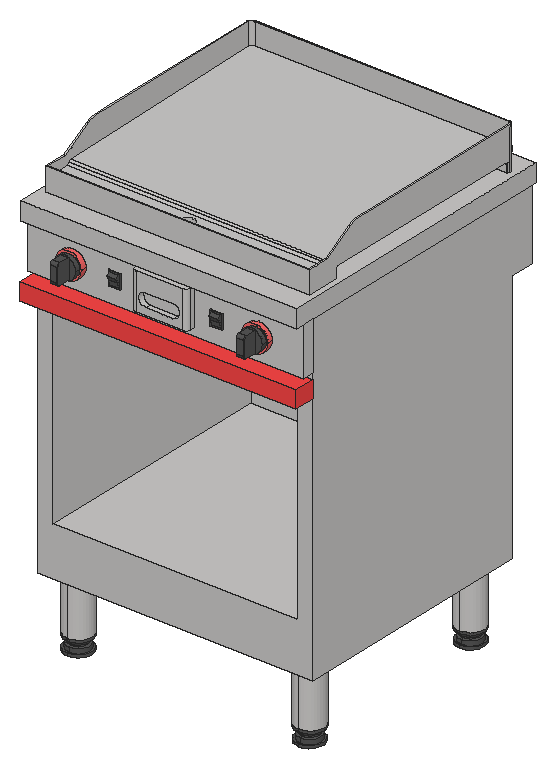
Revit family "ADB Electric grills cupboard 610", category Equipement spécialisé, Revit 2022
Family settings
  Cote de connecteur circulaire = Utiliser le diamètre
  Type d'élément = Normal
  Numéro OmniClass = 23.40.40.14.17.11
  Titre OmniClass = Cookers, Ovens, Stoves
  Basée sur le plan de construction = Non
  Toujours verticalement = Oui
  Couper avec des vides une fois chargée = Non
  Conserver l'orientation des annotations = Non
  Partagée = Non
  Repère de localisation dans la pièce = Non
Parameters (values of type "CME 610 SLRC")
  URL Cutsheet = "https://www.ambassade-de-bourgogne.com/fr/produits/armoires/grils/Resources/N61bis-CME_610_SLRC.pdf"
  URL = "https://www.ambassade-de-bourgogne.com/fr/produits/armoires/grils/Resources/N61bis-CME_610_SLRC.pdf"
  Electric Connection Type [instance] = "Bornier 40A"  # constant formula
  Item Number = ""
  Volts [instance] = 230 V  # constant formula
  Table = CME_CMG 610 SLK_SLKC_SRK_SRKC_SLR_SLRC : SLRC
  Specification by Manufacturer = ""
  Electrical Remarks [instance] = "230V(MONO) commutable 400V(TRI)"  # constant formula
  Electric power [instance] = 4400 W  # constant formula
  Door hinges inversion option [instance] = no
  Depth [instance] = 652 mm + if([Wall-spacer DSA 600], 50 mm, 0 mm) + if(Door option CPM 600, 53 mm, 0 mm)  # 652 mm
  Door option CPM 600 [instance] = no
  Weight [instance] = 98.00 kg + if([Wall-spacer DSA 600], 1.00 kg, 0.00 kg) + if(Door option CPM 600, 5.00 kg, 0.00 kg)  # 98.00 kg
  Phase [instance] = 1  # constant formula
  Number of Poles [instance] = Phase  # 1
  Modèle = "CME 610 SLRC"
  Length [instance] = 600 mm  # constant formula
  Operational Current [instance] = Electric power / (230 V * Phase)  # 19.1304 A
  Height [instance] = 992 mm + if([Wall-spacer DSA 600], 8 mm, 0 mm)  # 992 mm
  Cycle [instance] = 50 Hz  # constant formula
  Fabricant = "Société Industrielle de Lacanche"  # constant formula
  Elévation par défaut = 0 mm
  Shelves ECH 400 [instance] = no
  Wall-spacer DSA 600 [instance] = no
  Dosseret [instance] = if([Wall-spacer DSA 600], 50 mm, 0 mm)  # 0 mm
  Description = "Half-ridged, half smooth chrome electric grill cupboard"
  Connectors [instance] = yes
  Commentaires du type = "Ambassade range - Electric grills & plancha"
  D = 740 mm  # constant formula
  C = 300 mm  # constant formula
Types (6, lengths in mm): name | URL Cutsheet | URL | Table | Modèle | Description
  CME 610 SRKC | "https://www.ambassade-de-bourgogne.com/fr/produits/armoires/grils/Resources/N59-CME_610_SRKC.pdf" | "https://www.ambassade-de-bourgogne.com/fr/produits/armoires/grils/Resources/N59-CME_610_SRKC.pdf" | CME_CMG 610 SLK_SLKC_SRK_SRKC_SLR_SLRC : SRKC | "CME 610 SRKC" | "Ridged chrome electric grill cupboard"
  CME 610 SRK | "https://www.ambassade-de-bourgogne.com/fr/produits/armoires/grils/Resources/N59-CME_610_SRK.pdf" | "https://www.ambassade-de-bourgogne.com/fr/produits/armoires/grils/Resources/N59-CME_610_SRK.pdf" | CME_CMG 610 SLK_SLKC_SRK_SRKC_SLR_SLRC : SRK | "CME 610 SRK" | "Ridged steel electric grill cupboard"
  CME 610 SLK | "https://www.ambassade-de-bourgogne.com/fr/produits/armoires/grils/Resources/N57-CME_610_SLK.pdf" | "https://www.ambassade-de-bourgogne.com/fr/produits/armoires/grils/Resources/N57-CME_610_SLK.pdf" | CME_CMG 610 SLK_SLKC_SRK_SRKC_SLR_SLRC : SLK | "CME 610 SLK" | "Smooth steel electric grill cupboard"
  CME 610 SLKC | "https://www.ambassade-de-bourgogne.com/fr/produits/armoires/grils/Resources/N57bis-CME_610_SLKC.pdf" | "https://www.ambassade-de-bourgogne.com/fr/produits/armoires/grils/Resources/N57bis-CME_610_SLKC.pdf" | CME_CMG 610 SLK_SLKC_SRK_SRKC_SLR_SLRC : SLKC | "CME 610 SLKC" | "Smooth chrome electric grill cupboard"
  CME 610 SLR | "https://www.ambassade-de-bourgogne.com/fr/produits/armoires/grils/Resources/N61-CME_610_SLR.pdf" | "https://www.ambassade-de-bourgogne.com/fr/produits/armoires/grils/Resources/N61-CME_610_SLR.pdf" | CME_CMG 610 SLK_SLKC_SRK_SRKC_SLR_SLRC : SLR | "CME 610 SLR" | "Half-ridged, half smooth steel electric grill cupboard"
  CME 610 SLRC | "https://www.ambassade-de-bourgogne.com/fr/produits/armoires/grils/Resources/N61bis-CME_610_SLRC.pdf" | "https://www.ambassade-de-bourgogne.com/fr/produits/armoires/grils/Resources/N61bis-CME_610_SLRC.pdf" | CME_CMG 610 SLK_SLKC_SRK_SRKC_SLR_SLRC : SLRC | "CME 610 SLRC" | "Half-ridged, half smooth chrome electric grill cupboard"
Reference planes
  plane 1 "Centre (avant/arrière)": y = 0
  plane 2: z = 0
  plane 3 "Centre (gauche/droite)": x = 0
  plane 4 "gauche": x = -300
  plane 5 "droite": x = 300
  plane 6 "fond de meuble": y = 325
  plane 7 "avant": y = -325
  plane 8 "arrière": y = 325
  plane 9: z = 992
  plane 10: x = 0
  plane 11: z = 740
  plane 12: y = -327
Forms (mm)
  Extrusion 1, solid, material "ADB_Network_Electricity_Yellow", visible <- "Connectors", detail levels medium+fine
    sketch origin (300, 315, 707) x (-1, 0, 0) y (0, 0, 1)
      loop
        circle (300, 33) r 10
    from 0 to 10
  Extrusion 2, solid, detail levels coarse
    sketch origin (0, 0, 0) x (1, 0, 0) y (0, 1, 0)
      loop
        line (-300, 325) -> (-300, -327) -> (300, -327) -> (300, 325) -> (-300, 325)
    from 0 to 992 <- "Height"
  Extrusion 3, solid, material "ADB_Stainless Steel-Polished", detail levels fine
    sketch origin (150, 0, 0) x (1, 0, 0) y (0, 1, 0)
      loop
        arc (-210, -313.5) -> (-207.218, -320.218) -> (-200.5, -323) r 9.5
        line (-200.5, -323) -> (-99.5, -323)
        arc (-99.5, -323) -> (-92.782, -320.218) -> (-90, -313.5) r 9.5
        line (-90, -313.5) -> (-90, -306) -> (-210, -306) -> (-210, -313.5)
    from 770 to 850
  Extrusion 4, void
    sketch origin (437.916, -306, 860) x (-1, 0, 0) y (0, 0, -1)
      loop
        arc (467.812, 45) -> (482.812, 60) -> (467.812, 75) r 15
        line (467.812, 75) -> (408.021, 75)
        arc (408.021, 75) -> (393.021, 60) -> (408.021, 45) r 15
        line (408.021, 45) -> (467.812, 45)
    from 5 to 38.602
  Extrusion 5, solid, material "ADB_Plastic-Black", detail levels fine
    sketch origin (229, -306, 860) x (-1, 0, 0) y (0, 0, -1)
      loop
        line (352.5, 39.5) -> (352.5, 71.5) -> (327.5, 71.5) -> (327.5, 39.5) -> (352.5, 39.5)
    from 0 to 2
  Extrusion 6, solid, material "ADB_Plastic-Black", detail levels fine
    sketch origin (-71, 0, 0.2) x (0, 1, 0) y (0, 0, 1)
      loop
        line (-308, 817.032) -> (-315.045, 811.027) -> (-309.906, 802.126) -> (-308, 792) -> (-308, 817.032)
    from -49.5 to -30.5
  Extrusion 7, solid, material "ADB_Plastic-Black", detail levels fine
    sketch origin (451, -306, 860) x (-1, 0, 0) y (0, 0, -1)
      loop
        line (452.5, 39.5) -> (452.5, 71.5) -> (427.5, 71.5) -> (427.5, 39.5) -> (452.5, 39.5)
    from 0 to 2
  Extrusion 8, solid, material "ADB_Plastic-Black", detail levels fine
    sketch origin (151, 0, 0.2) x (0, 1, 0) y (0, 0, 1)
      loop
        line (-308, 817.032) -> (-315.045, 811.027) -> (-309.906, 802.126) -> (-308, 792) -> (-308, 817.032)
    from -49.5 to -30.5
  Extrusion 9, solid, material "ADB_Plastic-Black", detail levels fine
    sketch origin (451, -306, 860) x (-1, 0, 0) y (0, 0, -1)
      loop
        line (352.5, 39.5) -> (352.5, 71.5) -> (327.5, 71.5) -> (327.5, 39.5) -> (352.5, 39.5)
    from 0 to 2
Cuts and joins
  Extrusion 4 cuts Extrusion 3
Dimensions and locks
  equal spacing: plane 5 "droite", plane 3 "Centre (gauche/droite)", plane 4 "gauche"
  "Length": plane 5 "droite" to plane 4 "gauche"
  plane 6 "fond de meuble" to plane 7 "avant" = 650 mm
  locked: plane 7 "avant" to plane 1 "Centre (avant/arrière)" at 325
  "Dosseret": plane 8 "arrière" to plane 6 "fond de meuble"
  "Height": plane 9 to plane 2
  "D": plane 2 to plane 11
  "C": plane 5 "droite" to plane 10
  locked: Extrusion 3 sketch curve to Extrusion 3 sketch curve at 120
  "Depth": plane 8 "arrière" to plane 12
  aligned and locked: level to plane 2
  aligned and locked: plane 3 "Centre (gauche/droite)" to nested 1
  aligned and locked: Extrusion 1 sketch curve to plane 10
  aligned and locked: plane 11 to Extrusion 1 sketch curve
  aligned and locked: plane 3 "Centre (gauche/droite)" to nested 3
  aligned and locked: plane 8 "arrière" to Extrusion 2
  aligned and locked: Extrusion 2 to plane 12
Automatic sketch dimensions
  Extrusion 2 sketch curve to plane 4 "gauche" = 0 mm
  Extrusion 2 sketch curve to plane 5 "droite" = 0 mm
  Extrusion 2 sketch curve to plane 7 "avant" = 2 mm
  plane 6 "fond de meuble" to Extrusion 2 sketch curve = 0 mm
  plane 7 "avant" to Extrusion 3 sketch curve = 19 mm
  Extrusion 3 sketch curve to plane 3 "Centre (gauche/droite)" = 60 mm
  Extrusion 3 sketch curve to Extrusion 3 sketch curve = 9.5 mm  (x2)
  plane 7 "avant" to Extrusion 3 sketch curve = 2 mm
  Extrusion 4 sketch curve to nested 1 = 45 mm
  nested 1 to Extrusion 4 sketch curve = 270.104 mm
  Extrusion 4 sketch curve to Extrusion 4 sketch curve = 59.792 mm
  Extrusion 4 sketch curve to Extrusion 4 sketch curve = 15 mm
  Extrusion 5 sketch curve to plane 3 "Centre (gauche/droite)" = 98.5 mm
  Extrusion 5 sketch curve to Extrusion 5 sketch curve = 25 mm
  Extrusion 5 sketch curve to plane 11 = 80.5 mm
  Extrusion 5 sketch curve to Extrusion 5 sketch curve = 32 mm
  plane 7 "avant" to Extrusion 6 sketch curve = 9.955 mm
  Extrusion 6 sketch curve to Extrusion 6 sketch curve = 5.139 mm
  Extrusion 6 sketch curve to Extrusion 6 sketch curve = 1.906 mm
  Extrusion 6 sketch curve to plane 11 = 52.2 mm
  Extrusion 6 sketch curve to Extrusion 6 sketch curve = 10.126 mm
  Extrusion 6 sketch curve to Extrusion 6 sketch curve = 8.901 mm
  Extrusion 6 sketch curve to Extrusion 6 sketch curve = 6.005 mm
  plane 3 "Centre (gauche/droite)" to Extrusion 7 sketch curve = 23.5 mm
  Extrusion 7 sketch curve to plane 3 "Centre (gauche/droite)" = 1.5 mm
  Extrusion 7 sketch curve to plane 11 = 80.5 mm
  Extrusion 7 sketch curve to Extrusion 7 sketch curve = 32 mm
  plane 7 "avant" to Extrusion 8 sketch curve = 9.955 mm
  Extrusion 8 sketch curve to Extrusion 8 sketch curve = 5.139 mm
  Extrusion 8 sketch curve to Extrusion 8 sketch curve = 1.906 mm
  Extrusion 8 sketch curve to plane 11 = 52.2 mm
  Extrusion 8 sketch curve to Extrusion 8 sketch curve = 10.126 mm
  Extrusion 8 sketch curve to Extrusion 8 sketch curve = 8.901 mm
  Extrusion 8 sketch curve to Extrusion 8 sketch curve = 6.005 mm
  plane 3 "Centre (gauche/droite)" to Extrusion 9 sketch curve = 123.5 mm
  Extrusion 9 sketch curve to Extrusion 9 sketch curve = 25 mm
  Extrusion 9 sketch curve to plane 11 = 80.5 mm
  Extrusion 9 sketch curve to Extrusion 9 sketch curve = 32 mm
  radius of Extrusion 1 sketch curve = 10 mm
Nested families
  nested 1: "Soubassement armoire" at (0, 0, 0), Dosseret <- "Wall-spacer DSA 600", Porte <- "Door option CPM 600", Door hinges inversion option <- "Door hinges inversion option", Echelle <- "Shelves ECH 400", type "1 armoire"
    with Depth 703 mm, Door hinges inversion option no, Porte no, Length 600 mm, Height 900 mm, Encombrement Porte standard no, Encombrement Porte inversée no, Echelle no, Décalage poignée 233.5 mm, Dosseret no
  nested 2: "Bouton" at (-203, -306, 804.565) x (1, 0, 0) z (0, -1, 0), type "Bouton"
  nested 3: "CME_CMG 610 SLK_SLKC_SRK_SRKC_SLR_SLRC" at (0, 0, 900), type <- "Table", type "SLRC", detail levels medium+fine
  nested 4: "Bouton" at (203, -306, 804.565) x (1, 0, 0) z (0, -1, 0), type "Bouton"
Connectors
  electrical at (0, 315, 740), driven by "Number of Poles", driven by "Volts", driven by "Electric power"
    settings: on Extrusion 1, index 1, voltage 230 V, apparent load 4400 VA, apparent load phase1 0 VA, apparent load phase2 0 VA, apparent load phase3 0 VA, power factor 1, load classification "Autre", number of poles 1, system type 30, power factor state 1, is connector primary yes, connector utility no, sub classification motor no, connector description "Electrique"
Definition of nested family "Soubassement armoire"
  Parameters (values of type "1 armoire")
    Profondeur produit = 650 mm
    Profondeur baie libre = if(Baie libre, Profondeur produit - 68 mm, 1 mm)  # 582 mm
    Door hinges inversion option [instance] = no
    Longueur poignée = 229 mm  # constant formula
    Encombrement Porte inversée [instance] = and(Porte, Door hinges inversion option)  # no
    Encombrement Porte standard [instance] = and(Porte, not(Door hinges inversion option))  # no
    Porte [instance] = no
    Depth [instance] = Profondeur produit + if(Dosseret, 50 mm, 0 mm) + 53 mm  # 703 mm
    Longueur produit = 600 mm
    Length [instance] = Longueur produit  # 600 mm
    Hauteur produit = 900 mm
    Height [instance] = Hauteur produit + if(Dosseret, 100 mm, 0 mm)  # 900 mm
    Default Elevation = 0 mm
    Echelle [instance] = no
    Décalage poignée [instance] = if(Door hinges inversion option, Length, 233.5 mm)  # 233.5 mm
    Dosseret [instance] = no
    Baie libre = yes
  Reference planes
    plane 1 "Centre (avant/arrière)": y = 0
    plane 2: z = 0
    plane 3 "Centre (gauche/droite)": x = 0
    plane 4 "Gauche": x = -300
    plane 5 "Arrière": y = 325
    plane 6 "Droite": x = 300
    plane 7 "Avant": y = -325
    plane 8 "dessous meuble": z = 155
    plane 9 "Dessus de plan": z = 900
    plane 10 "Baguette coloré": z = 696
    plane 11 "dessous plan": z = 860
    plane 12 "Face": y = -280
    plane 13 "commande": z = 755
    plane 14 "dessus dosseret": z = 900
    plane 15: y = -377.967
    plane 16: y = 325.033
    plane 17 "Baguette colorë": y = -780
    plane 18: x = -66.5
  Forms (mm)
    Extrusion 1, solid, visible <- "Porte", detail levels medium+fine
      sketch origin (-300, 0, 0) x (0, 1, 0) y (0, 0, 1)
        loop
          line (-325, 155) -> (-280, 155) -> (-280, 696) -> (-325, 696) -> (-325, 155)
      from 0 to 600 <- "Length"
    Extrusion 2, solid, detail levels medium+fine
      sketch origin (-300, 0, 0) x (0, 1, 0) y (0, 0, 1)
        loop
          line (-280, 742.5) -> (-327, 742.5) -> (-327, 705) -> (-280, 705) -> (-280, 742.5)
      from 0 to 600 <- "Length"
    Extrusion 3, solid, detail levels medium+fine
      sketch origin (-300, 0, 0) x (0, 1, 0) y (0, 0, 1)
        loop
          line (325, 900) -> (-325, 900) -> (-325, 860) -> (325, 860) -> (325, 900)
      from 0 to 600 <- "Length"
    Extrusion 4, void
      sketch origin (0, -325, 0) x (-1, 0, 0) y (0, 0, 1)
        loop
          line (266, 679) -> (-266, 679) -> (-266, 261.5) -> (266, 261.5) -> (266, 679)
      from 0 to 582 <- "Profondeur baie libre"
    Extrusion 5, solid, detail levels medium+fine
      sketch origin (-300, 0, 0) x (0, 1, 0) y (0, 0, 1)
        loop
          line (-280, 860) -> (-306, 860) -> (-306, 755) -> (-280, 755) -> (-280, 860)
      from 0 to 600 <- "Length"
    Extrusion 6, solid, detail levels medium+fine
      sketch origin (-300, 0, 0) x (0, 1, 0) y (0, 0, 1)
        loop
          line (315, 860) -> (-280, 860) -> (-280, 155) -> (260, 155) -> (260, 707) -> (315, 707) -> (315, 860)
      from 0 to 600 <- "Length"
    Revolve 7, solid, detail levels medium+fine
      sketch origin (251.965, 0, 0) x (0, 1, 0) y (0, 0, -1)
        loop
          line (-258.968, -155) -> (-229, -155) -> (-229, 0) -> (-258.492, 0) -> (-258.492, -5) -> (-253.001, -5) -> (-253.001, -13.586) -> (-248.857, -16.488) -> (-248.857, -22) -> (-252.82, -22) -> (-258.968, -28.148) -> (-258.968, -34) -> (-258.968, -155)
        axis (-229, 0) -> (-229, -155)
      angle from 0 to 360
    Revolve 8, solid, detail levels medium+fine
      sketch origin (-251.965, 0, 0) x (0, 1, 0) y (0, 0, 1)
        loop
          line (-258.968, 155) -> (-258.968, 34) -> (-258.968, 28.148) -> (-252.82, 22) -> (-248.857, 22) -> (-248.857, 16.488) -> (-253.001, 13.586) -> (-253.001, 5) -> (-258.492, 5) -> (-258.492, 0) -> (-229, 0) -> (-229, 155) -> (-258.968, 155)
        axis (-229, 0) -> (-229, 155)
      angle from 0 to 360
    Revolve 9, solid, detail levels medium+fine
      sketch origin (-251.965, -20, 0) x (0, -1, 0) y (0, 0, -1)
        loop
          line (-258.968, -155) -> (-229, -155) -> (-229, 0) -> (-258.492, 0) -> (-258.492, -5) -> (-253.001, -5) -> (-253.001, -13.586) -> (-248.857, -16.488) -> (-248.857, -22) -> (-252.82, -22) -> (-258.968, -28.148) -> (-258.968, -34) -> (-258.968, -155)
        axis (-229, 0) -> (-229, -155)
      angle from 0 to 360
    Extrusion 10, solid, visible <- "Dosseret", detail levels medium+fine
      sketch origin (-300, 0, 0) x (0, 1, 0) y (0, 0, 1)
        loop
          line (375.033, 1000) -> (325, 1000) -> (325, 860) -> (375.033, 860) -> (375.033, 1000)
      from 0 to 600 <- "Length"
    Revolve 11, solid, detail levels medium+fine
      sketch origin (251.965, -20, 0) x (0, -1, 0) y (0, 0, 1)
        loop
          line (-258.968, 155) -> (-258.968, 34) -> (-258.968, 28.148) -> (-252.82, 22) -> (-248.857, 22) -> (-248.857, 16.488) -> (-253.001, 13.586) -> (-253.001, 5) -> (-258.492, 5) -> (-258.492, 0) -> (-229, 0) -> (-229, 155) -> (-258.968, 155)
        axis (-229, 0) -> (-229, 155)
      angle from 0 to 360
    Extrusion 12, void
      sketch origin (0, 0, 900) x (0, -1, 0) y (1, 0, 0)
        loop
          line (-307.033, -266.567) -> (-293.033, -266.567) -> (-293.033, 266.464) -> (-307.033, 266.464) -> (-307.033, -266.567)
      from 0 to -0.8
    Extrusion 13, solid, detail levels medium+fine
      sketch origin (-300, 260, 155) x (0, 0, 1) y (1, 0, 0)
        loop
          line (65, 454) -> (65, 146) -> (552, 146) -> (552, 454) -> (65, 454)
      from 0 to 35
    Extrusion 14, solid, visible <- "Echelle", detail levels medium+fine
      sketch origin (0, 0, 0) x (1, 0, 0) y (0, 0, 1)
        loop
          line (-266, 648.8) -> (-266, 623.8) -> (-256.5, 623.8) -> (-256.5, 625) -> (-264.8, 625) -> (-264.8, 647.6) -> (-248, 647.6) -> (-248, 648.8) -> (-266, 648.8)
        loop
          line (-266, 548.8) -> (-266, 523.8) -> (-256.5, 523.8) -> (-256.5, 525) -> (-264.8, 525) -> (-264.8, 547.6) -> (-248, 547.6) -> (-248, 548.8) -> (-266, 548.8)
        loop
          line (-266, 448.8) -> (-266, 423.8) -> (-256.5, 423.8) -> (-256.5, 425) -> (-264.8, 425) -> (-264.8, 447.6) -> (-248, 447.6) -> (-248, 448.8) -> (-266, 448.8)
        loop
          line (-266, 348.8) -> (-266, 323.8) -> (-256.5, 323.8) -> (-256.5, 325) -> (-264.8, 325) -> (-264.8, 347.6) -> (-248, 347.6) -> (-248, 348.8) -> (-266, 348.8)
      from -113.466 to 206.5
    Extrusion 15, solid, visible <- "Echelle", detail levels medium+fine
      sketch origin (0, 0, 0) x (-1, 0, 0) y (0, 0, -1)
        loop
          line (-266, -648.8) -> (-248, -648.8) -> (-248, -647.6) -> (-264.8, -647.6) -> (-264.8, -625) -> (-256.5, -625) -> (-256.5, -623.8) -> (-266, -623.8) -> (-266, -648.8)
        loop
          line (-266, -548.8) -> (-248, -548.8) -> (-248, -547.6) -> (-264.8, -547.6) -> (-264.8, -525) -> (-256.5, -525) -> (-256.5, -523.8) -> (-266, -523.8) -> (-266, -548.8)
        loop
          line (-266, -448.8) -> (-248, -448.8) -> (-248, -447.6) -> (-264.8, -447.6) -> (-264.8, -425) -> (-256.5, -425) -> (-256.5, -423.8) -> (-266, -423.8) -> (-266, -448.8)
        loop
          line (-266, -348.8) -> (-248, -348.8) -> (-248, -347.6) -> (-264.8, -347.6) -> (-264.8, -325) -> (-256.5, -325) -> (-256.5, -323.8) -> (-266, -323.8) -> (-266, -348.8)
      from -113.466 to 206.5
  Cuts and joins
    Extrusion 4 cuts Extrusion 6
    Extrusion 12 cuts Extrusion 10
  Lines and regions (mm)
    symbolic lines, visible <- "Encombrement Porte standard"
      curve 1: line (300, -280, 155) -> (300, -880, 155)
      curve 4: arc (-300, -280, 155) -> (-124.264, -704.264, 155) -> (300, -880, 155) r 600
    symbolic lines, visible <- "Encombrement Porte inversée"
      curve 2: line (-300, -280, 155) -> (-300, -880, 155)
      curve 3: arc (300, -280, 155) -> (124.264, -704.264, 155) -> (-300, -880, 155) r 600
  Dimensions and locks
    equal spacing: plane 7 "Avant", plane 1 "Centre (avant/arrière)", plane 5 "Arrière"
    "Profondeur produit": plane 5 "Arrière" to plane 7 "Avant"
    equal spacing: plane 4 "Gauche", plane 3 "Centre (gauche/droite)", plane 6 "Droite"
    "Longueur produit": plane 4 "Gauche" to plane 6 "Droite"
    "Hauteur produit": plane 9 "Dessus de plan" to plane 2
    locked: plane 8 "dessous meuble" to plane 2 at 155
    locked: plane 9 "Dessus de plan" to plane 11 "dessous plan" at 40
    locked: plane 7 "Avant" to plane 12 "Face" at 45
    locked: plane 13 "commande" to plane 10 "Baguette coloré" at 59
    locked: plane 11 "dessous plan" to plane 13 "commande" at 105
    Extrusion 4 sketch curve to plane 8 "dessous meuble" = 106.5 mm
    Extrusion 4 sketch curve to plane 6 "Droite" = 34 mm
    Extrusion 4 sketch curve to plane 4 "Gauche" = 34 mm
    plane 10 "Baguette coloré" to Extrusion 4 sketch curve = 17 mm
    "Height": plane 14 "dessus dosseret" to plane 2
    locked: plane 7 "Avant" to plane 15 at 52.967
    "Depth": plane 15 to plane 16
    equal spacing: Extrusion 13 sketch curve, plane 3 "Centre (gauche/droite)", Extrusion 13 sketch curve
    "Décalage poignée": plane 18 to plane 4 "Gauche"
    locked: plane 4 "Gauche" to Revolve 9 at 18.067
    locked: Revolve 11 to plane 6 "Droite" at 18.067
    locked: Revolve 7 to plane 6 "Droite" at 18.067
    locked: plane 4 "Gauche" to Revolve 8 at 18.067
    locked: Revolve 8 to plane 12 "Face" at 21.032
    locked: Revolve 7 to plane 12 "Face" at 21.032
    locked: plane 5 "Arrière" to Extrusion 10 sketch curve at 50.033
    plane 16 to Extrusion 12 sketch curve to Extrusion 12 sketch curve = 18 mm locked, 14 mm locked
    aligned and locked: level to plane 2
    aligned and locked: plane 18 to nested 1
  Automatic sketch dimensions
    Extrusion 1 sketch curve to plane 7 "Avant" = 0 mm
    Extrusion 1 sketch curve to plane 10 "Baguette coloré" = 0 mm
    Extrusion 1 sketch curve to plane 12 "Face" = 0 mm
    Extrusion 1 sketch curve to plane 8 "dessous meuble" = 0 mm
    Extrusion 2 sketch curve to plane 12 "Face" = 0 mm
    Extrusion 2 sketch curve to plane 7 "Avant" = 2 mm
    plane 10 "Baguette coloré" to Extrusion 2 sketch curve = 9 mm
    Extrusion 2 sketch curve to plane 13 "commande" = 12.5 mm
    Extrusion 3 sketch curve to plane 7 "Avant" = 0 mm
    Extrusion 3 sketch curve to plane 5 "Arrière" = 0 mm
    Extrusion 3 sketch curve to plane 11 "dessous plan" = 0 mm
    Extrusion 3 sketch curve to plane 9 "Dessus de plan" = 0 mm
    Extrusion 5 sketch curve to plane 11 "dessous plan" = 0 mm
    Extrusion 5 sketch curve to plane 13 "commande" = 0 mm
    Extrusion 5 sketch curve to plane 12 "Face" = 0 mm
    plane 7 "Avant" to Extrusion 5 sketch curve = 19 mm
    Extrusion 6 sketch curve to plane 11 "dessous plan" = 0 mm
    Extrusion 6 sketch curve to plane 12 "Face" = 0 mm
    Extrusion 6 sketch curve to plane 8 "dessous meuble" = 0 mm
    Extrusion 6 sketch curve to plane 5 "Arrière" = 65 mm
    Extrusion 6 sketch curve to plane 5 "Arrière" = 10 mm
    plane 10 "Baguette coloré" to Extrusion 6 sketch curve = 11 mm
    Revolve 7 sketch curve to plane 8 "dessous meuble" = 0 mm
    Revolve 7 sketch curve to level = 0 mm
    plane 12 "Face" to Revolve 7 sketch curve = 21.032 mm
    plane 12 "Face" to Revolve 7 sketch curve = 21.508 mm
    Revolve 7 sketch curve to Revolve 7 sketch curve = 5.491 mm
    Revolve 7 sketch curve to Revolve 7 sketch curve = 0.181 mm
    Revolve 7 sketch curve to Revolve 7 sketch curve = 3.964 mm
    Revolve 7 sketch curve to Revolve 7 sketch curve = 24.001 mm
    level to Revolve 7 sketch curve = 34 mm
    Revolve 7 sketch curve to Revolve 7 sketch curve = 5.852 mm
    Revolve 7 sketch curve to Revolve 7 sketch curve = 6.148 mm
    Revolve 7 sketch curve to Revolve 7 sketch curve = 5.512 mm
    Revolve 7 sketch curve to Revolve 7 sketch curve = 2.902 mm
    level to Revolve 7 sketch curve = 5 mm
    Revolve 7 sketch curve to Revolve 7 sketch curve = 0 mm
    plane 8 "dessous meuble" to Revolve 7 sketch curve = 19 mm
    Revolve 7 sketch curve to Revolve 7 sketch curve = 12 mm
    Revolve 8 sketch curve to plane 8 "dessous meuble" = 0 mm
    Revolve 8 sketch curve to level = 0 mm
    plane 12 "Face" to Revolve 8 sketch curve = 21.032 mm
    plane 12 "Face" to Revolve 8 sketch curve = 21.508 mm
    Revolve 8 sketch curve to Revolve 8 sketch curve = 5.491 mm
    Revolve 8 sketch curve to Revolve 8 sketch curve = 0.181 mm
    Revolve 8 sketch curve to Revolve 8 sketch curve = 3.964 mm
    Revolve 8 sketch curve to Revolve 8 sketch curve = 24.001 mm
    level to Revolve 8 sketch curve = 5 mm
    Revolve 8 sketch curve to Revolve 8 sketch curve = 8.586 mm
    Revolve 8 sketch curve to Revolve 8 sketch curve = 2.902 mm
    Revolve 8 sketch curve to Revolve 8 sketch curve = 5.512 mm
    Revolve 8 sketch curve to Revolve 8 sketch curve = 6.148 mm
    Revolve 8 sketch curve to Revolve 8 sketch curve = 5.852 mm
    Revolve 8 sketch curve to Revolve 8 sketch curve = 0 mm
    Revolve 8 sketch curve to Revolve 8 sketch curve = 12 mm
    plane 8 "dessous meuble" to Revolve 8 sketch curve = 19 mm
    Revolve 9 sketch curve to plane 8 "dessous meuble" = 0 mm
    Revolve 9 sketch curve to level = 0 mm
    level to Revolve 9 sketch curve = 28.148 mm
    Revolve 9 sketch curve to plane 5 "Arrière" = 86.032 mm
    Revolve 9 sketch curve to Revolve 9 sketch curve = 0.477 mm
    level to Revolve 9 sketch curve = 13.586 mm
    Revolve 9 sketch curve to Revolve 9 sketch curve = 5.491 mm
    Revolve 9 sketch curve to Revolve 9 sketch curve = 0.181 mm
    Revolve 9 sketch curve to Revolve 9 sketch curve = 3.964 mm
    Revolve 9 sketch curve to Revolve 9 sketch curve = 24.001 mm
    Revolve 9 sketch curve to Revolve 9 sketch curve = 5.852 mm
    Revolve 9 sketch curve to Revolve 9 sketch curve = 8.414 mm
    Revolve 9 sketch curve to Revolve 9 sketch curve = 2.902 mm
    level to Revolve 9 sketch curve = 5 mm
    Revolve 9 sketch curve to Revolve 9 sketch curve = 0 mm
    plane 8 "dessous meuble" to Revolve 9 sketch curve = 19 mm
    Revolve 9 sketch curve to Revolve 9 sketch curve = 12 mm
    Extrusion 10 sketch curve to plane 5 "Arrière" = 0 mm
    Extrusion 10 sketch curve to plane 11 "dessous plan" = 0 mm
    plane 9 "Dessus de plan" to Extrusion 10 sketch curve = 100 mm
    curve 3 to plane 6 "Droite" = 0 mm
    curve 3 to plane 4 "Gauche" = 0 mm
    curve 4 to plane 4 "Gauche" = 0 mm
    curve 4 to plane 12 "Face" = 0 mm
    curve 2 to plane 12 "Face" = 0 mm
    curve 3 to plane 12 "Face" = 0 mm
    Revolve 11 sketch curve to plane 8 "dessous meuble" = 0 mm
    Revolve 11 sketch curve to level = 0 mm
    level to Revolve 11 sketch curve = 28.148 mm
    Revolve 11 sketch curve to plane 5 "Arrière" = 86.032 mm
    Revolve 11 sketch curve to Revolve 11 sketch curve = 0.477 mm
    level to Revolve 11 sketch curve = 13.586 mm
    Revolve 11 sketch curve to Revolve 11 sketch curve = 5.491 mm
    Revolve 11 sketch curve to Revolve 11 sketch curve = 0.181 mm
    Revolve 11 sketch curve to Revolve 11 sketch curve = 3.964 mm
    Revolve 11 sketch curve to Revolve 11 sketch curve = 24.001 mm
    level to Revolve 11 sketch curve = 5 mm
    Revolve 11 sketch curve to Revolve 11 sketch curve = 2.902 mm
    Revolve 11 sketch curve to Revolve 11 sketch curve = 5.512 mm
    Revolve 11 sketch curve to Revolve 11 sketch curve = 5.852 mm
    Revolve 11 sketch curve to Revolve 11 sketch curve = 0 mm
    Revolve 11 sketch curve to Revolve 11 sketch curve = 12 mm
    plane 8 "dessous meuble" to Revolve 11 sketch curve = 19 mm
    plane 4 "Gauche" to Extrusion 12 sketch curve = 33.433 mm
    plane 6 "Droite" to Extrusion 12 sketch curve = 33.536 mm
    Extrusion 13 sketch curve to Extrusion 6 = 0 mm
    Extrusion 6 to Extrusion 13 sketch curve = 65 mm
    Extrusion 6 to Extrusion 13 sketch curve = 146 mm
    plane 4 "Gauche" to Extrusion 14 sketch curve = 34 mm  (x4)
    Extrusion 14 sketch curve to Extrusion 14 sketch curve = 1.2 mm  (x12)
    Extrusion 14 sketch curve to Extrusion 14 sketch curve = 8.3 mm  (x4)
    Extrusion 14 sketch curve to Extrusion 14 sketch curve = 16.8 mm  (x4)
    plane 8 "dessous meuble" to Extrusion 14 sketch curve = 168.8 mm
    Extrusion 14 sketch curve to Extrusion 14 sketch curve = 22.6 mm  (x4)
    Extrusion 14 sketch curve to Extrusion 14 sketch curve = 75 mm  (x2)
    Extrusion 14 sketch curve to plane 10 "Baguette coloré" = 72.2 mm
    plane 6 "Droite" to Extrusion 15 sketch curve = 34 mm  (x4)
    Extrusion 15 sketch curve to Extrusion 15 sketch curve = 1.2 mm  (x12)
    Extrusion 15 sketch curve to Extrusion 15 sketch curve = 8.3 mm  (x4)
    Extrusion 15 sketch curve to Extrusion 15 sketch curve = 16.8 mm  (x4)
    Extrusion 15 sketch curve to plane 10 "Baguette coloré" = 47.2 mm
    Extrusion 15 sketch curve to Extrusion 15 sketch curve = 22.6 mm  (x4)
    Extrusion 15 sketch curve to Extrusion 15 sketch curve = 75 mm  (x3)
    curve 1 to plane 6 "Droite" = 0 mm
    curve 1 to plane 12 "Face" = 0 mm
  Nested families
    nested 1: "Poignée" at (-181, -325, 681.933) x (1, 0, 0) z (0, -1, 0), visible <- "Porte", Longueur <- "Longueur poignée", type "Poignée", detail levels fine
      with Longueur 229 mm
  Definition of nested family "Poignée"
    Parameters (values of type "Poignée")
      Longueur [instance] = 800 mm
      Default Elevation = 1219.2 mm
    Reference planes
      plane 1 "Centre (avant/arrière)": y = 0
      plane 2: z = 0
      plane 3 "Centre (gauche/droite)": x = 0
      plane 4: x = -400
      plane 5: x = 400
      plane 6: x = -395
      plane 7: x = 395
    Forms (mm)
      Extrusion 1, solid
        sketch origin (0, 0, 0) x (1, 0, 0) y (0, 1, 0)
          loop
            line (-1219.2, 1219.2) -> (-1219.2, -1219.2) -> (1219.2, -1219.2) -> (1219.2, 1219.2) -> (-1219.2, 1219.2)
        from 0 to -304.8
      Extrusion 2, solid
        sketch origin (0, 0, 0) x (0, 1, 0) y (0, 0, 1)
          loop
            circle (0, 38.995) r 13.972
        from -395 to 395
      Extrusion 3, solid
        sketch origin (0, 0, 0) x (1, 0, 0) y (0, 1, 0)
          loop
            circle (-363.542, 0) r 8.5
          loop
            circle (363.453, 0) r 8.5
        from 0 to 37.089
    Cuts and joins
      joined: Extrusion 2, Extrusion 3
    Dimensions and locks
      equal spacing: plane 4, plane 3 "Centre (gauche/droite)", plane 5
      "Longueur": plane 4 to plane 5
      locked: plane 4 to plane 6 at 5
      locked: plane 7 to plane 5 at 5
      locked: plane 6 to Extrusion 3 sketch curve at 31.458
      locked: Extrusion 3 sketch curve to plane 7 at 31.547
      aligned and locked: plane 2 to Extrusion 1
      aligned and locked: level to Extrusion 1
      aligned and locked: plane 6 to Extrusion 2
      aligned and locked: Extrusion 2 to plane 7
      aligned and locked: plane 1 "Centre (avant/arrière)" to Extrusion 3 sketch curve
    Automatic sketch dimensions
      Extrusion 1 sketch curve to Extrusion 1 sketch curve = 2438.4 mm  (x2)
      Extrusion 2 sketch curve to plane 1 "Centre (avant/arrière)" = 0 mm
      level to Extrusion 2 sketch curve = 38.995 mm
      plane 1 "Centre (avant/arrière)" to Extrusion 3 sketch curve = 0 mm
      radius of Extrusion 2 sketch curve = 13.972 mm
      radius of Extrusion 3 sketch curve = 8.5 mm  (x2)
Definition of nested family "Bouton"
  Parameters (values of type "Bouton")
    Matériau base bouton = none
    Default Elevation = 1219.2 mm
  Reference planes
    plane 1 "Centre (avant/arrière)": y = 0
    plane 2: z = 0
    plane 3 "Centre (gauche/droite)": x = 0
  Forms (mm)
    Extrusion 1, solid
      sketch origin (0, 0, 0) x (1, 0, 0) y (0, 1, 0)
        loop
          line (-1219.2, 1219.2) -> (-1219.2, -1219.2) -> (1219.2, -1219.2) -> (1219.2, 1219.2) -> (-1219.2, 1219.2)
      from 0 to -304.8
    Extrusion 2, solid, material <- "Matériau base bouton", detail levels fine
      sketch origin (0, 0, 0) x (1, 0, 0) y (0, 1, 0)
        loop
          circle (0, 0) r 28.5
      from 0 to 11.5
    Extrusion 3, solid, detail levels fine
      sketch origin (0, 0, 0) x (1, 0, 0) y (0, 1, 0)
        loop
          circle (0, 0) r 24.1
      from 11.5 to 20.5
    Extrusion 4, solid, detail levels fine
      sketch origin (0, 0, 0) x (1, 0, 0) y (0, 0, 1)
        loop
          line (-8.082, 20.5) -> (8.082, 20.5) -> (7.58, 49.253)
          arc (7.58, 49.253) -> (6.684, 51.34) -> (4.581, 52.2) r 3
          line (4.581, 52.2) -> (-4.581, 52.2)
          arc (-4.581, 52.2) -> (-6.684, 51.34) -> (-7.58, 49.253) r 3
          line (-7.58, 49.253) -> (-8.082, 20.5)
      from -22.082 to 22.162
    Extrusion 5, void
      sketch origin (0, 0, 0) x (0, 1, 0) y (0, 0, 1)
        loop
          line (-15.762, 50.701) -> (15.682, 50.701)
          arc (15.682, 50.701) -> (20.208, 48.826) -> (22.082, 44.301) r 6.4
          line (22.082, 44.301) -> (22.082, 41.701) -> (24.232, 41.701) -> (24.232, 54.688) -> (-24.768, 54.688) -> (-24.768, 41.701) -> (-22.162, 41.701) -> (-22.162, 44.301)
          arc (-22.162, 44.301) -> (-20.287, 48.826) -> (-15.762, 50.701) r 6.4
      from -15.908 to 13.709
  Cuts and joins
    Extrusion 5 cuts Extrusion 4
  Lines and regions (mm)
    symbolic lines, detail levels fine
      curve 1: line (0, -28.5, 0) -> (0, 28.5, 0)
  Dimensions and locks
    aligned and locked: plane 2 to Extrusion 1
    aligned and locked: level to Extrusion 1
Definition of nested family "CME_CMG 610 SLK_SLKC_SRK_SRKC_SLR_SLRC"
  Parameters (values of type "SLKC")
    Nervures chrome = no
    Nervures acier = no
    Longueur plancha = Longueur - 26 mm  # 574 mm
    Habillage = none
    Longueur = 600 mm
    Largeur = 650 mm
    Default Elevation = 1219.2 mm
    Demi nervures chrome = no
    Demi nervures acier = no
  Types (6, lengths in mm): name | Nervures chrome | Nervures acier | Demi nervures chrome | Demi nervures acier
    SLK | no | no | no | no
    SLKC | no | no | no | no
    SRK | no | yes | no | no
    SRKC | yes | no | no | no
    SLR | no | no | no | yes
    SLRC | no | no | yes | no
  Reference planes
    plane 1 "Centre (avant/arrière)": y = 0
    plane 2: z = 0
    plane 3 "Centre (gauche/droite)": x = 0
    plane 4: y = 325
    plane 5: y = -325
    plane 6: x = 300
    plane 7: x = -300
    plane 8: x = -287
    plane 9: x = 287
  Forms (mm)
    Extrusion 1, solid
      sketch origin (0, 0, 0) x (1, 0, 0) y (0, 1, 0)
        loop
          line (-1219.2, 1219.2) -> (-1219.2, -1219.2) -> (1219.2, -1219.2) -> (1219.2, 1219.2) -> (-1219.2, 1219.2)
      from 0 to -304.8
    Extrusion 2, solid, material <- "Habillage"
      sketch origin (0, 0, 0) x (1, 0, 0) y (0, 1, 0)
        loop
          line (-287, 272.048) -> (-287, -273.983) -> (287, -273.983) -> (287, 272.048)
          arc (287, 272.048) -> (283.778, 279.826) -> (276, 283.048) r 11
          line (276, 283.048) -> (-276, 283.048)
          arc (-276, 283.048) -> (-283.778, 279.826) -> (-287, 272.048) r 11
        loop
          line (-284, 272.048) -> (-284, -270.983) -> (284, -270.983) -> (284, 272.048)
          arc (284, 272.048) -> (281.657, 277.705) -> (276, 280.048) r 8
          line (276, 280.048) -> (-276, 280.048)
          arc (-276, 280.048) -> (-281.657, 277.705) -> (-284, 272.048) r 8
      from 0 to 92.033
    Extrusion 3, void
      sketch origin (0, 0, 0) x (0, 1, 0) y (0, 0, 1)
        loop
          line (-104, 112) -> (-285.597, 112) -> (-285.597, 49.448) -> (-223.976, 49.403) -> (-161.719, 85.347)
          arc (-161.719, 85.347) -> (-149.684, 90.332) -> (-136.769, 92.033) r 49.9
          line (-136.769, 92.033) -> (-104, 92.033) -> (-104, 112)
      from -300 to 300
    Extrusion 4, solid, material <- "Habillage"
      sketch origin (0, 0.952, 0) x (1, 0, 0) y (0, 1, 0)
        loop
          line (276, 279.096) -> (-276, 279.096)
          arc (-276, 279.096) -> (-281.657, 276.753) -> (-284, 271.096) r 8
          line (-284, 271.096) -> (-284, -271.935) -> (284, -271.935) -> (284, 271.096)
          arc (284, 271.096) -> (281.657, 276.753) -> (276, 279.096) r 8
      from 0 to 34.5
    Extrusion 5, void
      sketch origin (0, 0, 4.998) x (0, 1, 0) y (0, 0, 1)
        loop
          line (-266.126, 28.524) -> (-261.04, 23.612) -> (-221.046, 24.309) -> (-210.298, 35.437) -> (-270.983, 35.437) -> (-270.983, 28.44) -> (-266.126, 28.524)
      from -300 to 300
    Extrusion 6, void
      sketch origin (0, 0, 0) x (1, 0, 0) y (0, 1, 0)
        loop
          circle (0, -245.004) r 15
      from 0 to 61.472
    Extrusion 7, void
      sketch origin (0, 0, 0) x (0, 1, 0) y (0, 0, 1)
        loop
          line (-203.012, 17.423) -> (-203.012, 0) -> (266.988, 0) -> (266.988, 16.823)
          arc (266.988, 16.823) -> (265.348, 20.783) -> (261.388, 22.423) r 5.6
          line (261.388, 22.423) -> (-198.012, 22.423)
          arc (-198.012, 22.423) -> (-201.548, 20.958) -> (-203.012, 17.423) r 5
      from -300 to 300
    Extrusion 8, void
      sketch origin (0, 0, 0) x (1, 0, 0) y (0, 0, 1)
        loop
          line (235, 30.418) -> (-235, 30.418)
          arc (-235, 30.418) -> (-238.536, 28.954) -> (-240, 25.418) r 5
          line (-240, 25.418) -> (-240, 0) -> (240, 0) -> (240, 25.418)
          arc (240, 25.418) -> (238.536, 28.954) -> (235, 30.418) r 5
      from -325 to 203.012
    Extrusion 9, solid, visible <- "Nervures chrome", detail levels fine
      sketch origin (0, 0, 0) x (0, 1, 0) y (0, 0, 1)
        loop
          line (280.011, 34.5) -> (280.011, 46.037) -> (-213.184, 37.447) -> (-216.03, 34.5) -> (280.011, 34.5)
      from -284 to 284
    Extrusion 10, solid, visible <- "Nervures acier", detail levels fine
      sketch origin (0, 0, 0) x (0, 1, 0) y (0, 0, 1)
        loop
          line (280.011, 34.5) -> (280.011, 46.037) -> (-213.184, 37.447) -> (-216.03, 34.5) -> (280.011, 34.5)
      from -284 to 284
    Extrusion 11, solid, visible <- "Demi nervures acier", detail levels fine
      sketch origin (0, 0, 0) x (0, 1, 0) y (0, 0, 1)
        loop
          line (280.011, 34.5) -> (280.011, 46.037) -> (-213.184, 37.447) -> (-216.03, 34.5) -> (280.011, 34.5)
      from -284 to 284
    Extrusion 12, solid, visible <- "Demi nervures chrome", detail levels fine
      sketch origin (0, 0, 0) x (0, 1, 0) y (0, 0, 1)
        loop
          line (280.011, 34.5) -> (280.011, 46.037) -> (-213.184, 37.447) -> (-216.03, 34.5) -> (280.011, 34.5)
      from -284 to 284
  Cuts and joins
    Extrusion 3, Extrusion 7, Extrusion 8 cuts Extrusion 2
    Extrusion 5, Extrusion 6, Extrusion 7, Extrusion 8 cuts Extrusion 4
  Lines and regions (mm)
    Split face 1
      outline origin (0, 271.74, 45.893) x (0, -0.999848, -0.017415) y (1, 0, 0)
        loop
          line (-8.272, 0) -> (484.998, 0)
    Split face 2
      outline origin (0, -221.046, 29.307) x (0, 0.694685, 0.719314) y (-1, 0, 0)
        loop
          line (11.317, 0) -> (7.22, 0)
    Split face 3
      outline origin (0, 271.74, 45.893) x (0, -0.999848, -0.017415) y (1, 0, 0)
        loop
          line (-8.272, 0) -> (484.998, 0)
    Split face 4
      outline origin (0, -221.046, 29.307) x (0, 0.694685, 0.719314) y (-1, 0, 0)
        loop
          line (11.317, 0) -> (7.22, 0)
  Dimensions and locks
    "Largeur": plane 5 to plane 4
    "Longueur": plane 7 to plane 6
    "Longueur plancha": plane 8 to plane 9
    equal spacing: plane 7, plane 3 "Centre (gauche/droite)", plane 6
    equal spacing: plane 8, plane 3 "Centre (gauche/droite)", plane 9
    aligned and locked: plane 2 to Extrusion 1
    aligned and locked: level to Extrusion 1
    aligned and locked: plane 8 to Extrusion 2 sketch curve
    aligned and locked: plane 9 to Extrusion 2 sketch curve
    aligned and locked: Extrusion 5 to plane 6
    aligned and locked: plane 7 to Extrusion 5
    aligned and locked: Extrusion 7 to plane 6
    aligned and locked: plane 7 to Extrusion 7
    aligned and locked: Extrusion 3 to plane 6
    aligned and locked: plane 7 to Extrusion 3
  Automatic sketch dimensions
    Extrusion 1 sketch curve to Extrusion 1 sketch curve = 2438.4 mm  (x2)
    Extrusion 4 sketch curve to plane 5 = 54.017 mm
    plane 4 to Extrusion 4 sketch curve = 52.952 mm
    Extrusion 6 sketch curve to plane 5 = 79.996 mm
    Extrusion 4 sketch curve to plane 7 = 24 mm
    Extrusion 4 sketch curve to plane 7 = 16 mm
    plane 3 "Centre (gauche/droite)" to Extrusion 6 sketch curve = 0 mm
    plane 6 to Extrusion 4 sketch curve = 24 mm
    plane 9 to Extrusion 4 sketch curve = 3 mm
    Extrusion 2 sketch curve to plane 8 = 3 mm
    Extrusion 2 sketch curve to Extrusion 2 sketch curve = 8 mm
    Extrusion 2 sketch curve to Extrusion 2 sketch curve = 0 mm  (x3)
    plane 9 to Extrusion 2 sketch curve = 11 mm
    plane 9 to Extrusion 2 sketch curve = 3 mm
    Extrusion 2 sketch curve to plane 5 = 51.017 mm
    Extrusion 2 sketch curve to Extrusion 2 sketch curve = 3 mm
    plane 4 to Extrusion 2 sketch curve = 52.952 mm
    Extrusion 3 sketch curve to plane 5 = 39.403 mm
    level to Extrusion 3 sketch curve = 49.403 mm
    Extrusion 3 sketch curve to Extrusion 3 sketch curve = 61.621 mm
    Extrusion 3 sketch curve to Extrusion 3 sketch curve = 62.257 mm
    Extrusion 3 sketch curve to Extrusion 3 sketch curve = 24.95 mm
    level to Extrusion 3 sketch curve = 42.133 mm
    Extrusion 3 sketch curve to Extrusion 3 sketch curve = 43.215 mm
    Extrusion 3 sketch curve to Extrusion 3 sketch curve = 62.597 mm
    Extrusion 3 sketch curve to Extrusion 3 sketch curve = 32.769 mm
    level to Extrusion 3 sketch curve = 49.448 mm
    level to Extrusion 5 sketch curve = 33.438 mm
    Extrusion 5 sketch curve to plane 5 = 58.874 mm
    level to Extrusion 5 sketch curve = 28.61 mm
    Extrusion 5 sketch curve to Extrusion 5 sketch curve = 5.086 mm
    level to Extrusion 5 sketch curve = 29.307 mm
    Extrusion 5 sketch curve to Extrusion 5 sketch curve = 39.994 mm
    Extrusion 5 sketch curve to Extrusion 5 sketch curve = 4.857 mm
    Extrusion 5 sketch curve to Extrusion 5 sketch curve = 10.748 mm
    Extrusion 5 sketch curve to Extrusion 5 sketch curve = 0.085 mm
    Extrusion 5 sketch curve to Extrusion 5 sketch curve = 6.998 mm
    level to Extrusion 7 sketch curve = 17.423 mm
    Extrusion 7 sketch curve to plane 5 = 121.988 mm
    Extrusion 7 sketch curve to Extrusion 7 sketch curve = 5 mm
    level to Extrusion 7 sketch curve = 16.823 mm
    plane 4 to Extrusion 7 sketch curve = 63.612 mm
    Extrusion 7 sketch curve to level = 0 mm
    Extrusion 8 sketch curve to plane 8 = 47 mm
    Extrusion 8 sketch curve to Extrusion 8 sketch curve = 5 mm  (x2)
    level to Extrusion 8 sketch curve = 25.418 mm
    plane 9 to Extrusion 8 sketch curve = 52 mm
    level to Extrusion 8 sketch curve = 0 mm
    Extrusion 9 sketch curve to plane 5 = 108.97 mm
    Extrusion 9 sketch curve to Extrusion 9 sketch curve = 2.846 mm
    plane 4 to Extrusion 9 sketch curve = 44.989 mm
    level to Extrusion 9 sketch curve = 34.5 mm
    Extrusion 9 sketch curve to Extrusion 9 sketch curve = 11.537 mm
    Extrusion 9 sketch curve to Extrusion 9 sketch curve = 2.947 mm
    level to Extrusion 10 sketch curve = 34.5 mm
    Extrusion 10 sketch curve to plane 5 = 108.97 mm
    level to Extrusion 10 sketch curve = 37.447 mm
    Extrusion 10 sketch curve to Extrusion 10 sketch curve = 2.846 mm
    plane 4 to Extrusion 10 sketch curve = 44.989 mm
    Extrusion 10 sketch curve to Extrusion 10 sketch curve = 11.537 mm
    level to Extrusion 11 sketch curve = 34.5 mm
    Extrusion 11 sketch curve to plane 5 = 108.97 mm
    level to Extrusion 11 sketch curve = 37.447 mm
    Extrusion 11 sketch curve to Extrusion 11 sketch curve = 2.846 mm
    plane 4 to Extrusion 11 sketch curve = 44.989 mm
    Extrusion 11 sketch curve to Extrusion 11 sketch curve = 11.537 mm
    Extrusion 11 to Split face 1 sketch curve = 0 mm  (x2)
    Split face 1 sketch curve to Extrusion 11 = 284 mm
    Split face 2 sketch curve to Extrusion 11 = 0 mm
    Extrusion 11 to Split face 2 sketch curve = 0 mm
    Split face 2 sketch curve to Extrusion 11 = 284 mm
    level to Extrusion 12 sketch curve = 34.5 mm
    Extrusion 12 sketch curve to plane 5 = 108.97 mm
    level to Extrusion 12 sketch curve = 37.447 mm
    Extrusion 12 sketch curve to Extrusion 12 sketch curve = 2.846 mm
    plane 4 to Extrusion 12 sketch curve = 44.989 mm
    Extrusion 12 sketch curve to Extrusion 12 sketch curve = 11.537 mm
    Extrusion 12 to Split face 3 sketch curve = 0 mm  (x2)
    Split face 3 sketch curve to Extrusion 12 = 284 mm
    Split face 4 sketch curve to Extrusion 12 = 0 mm
    Extrusion 12 to Split face 4 sketch curve = 0 mm
    Split face 4 sketch curve to Extrusion 12 = 284 mm
    radius of Extrusion 6 sketch curve = 15 mm
